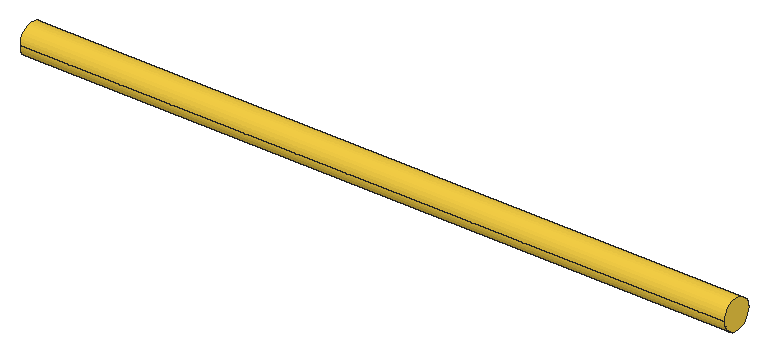
Revit family "TUBE 42-1_2033500", category Generic Models, Revit 2018
Family settings
  Can host rebar = No
  Round Connector Dimension = Use Diameter
  Part Type = Normal
  OmniClass Number = 35.51.14.00
  OmniClass Title = FORMWORK
  Work Plane-Based = Yes
  Always vertical = No
  Cut with Voids When Loaded = No
  Shared = Yes
  Room Calculation Point = No
Parameters
  VERSION = "20190101"  # constant formula
  URL = "www.ulmaconstruction.com/en"
  UNICLASS = ""
  ITEM_CODE = "2033500"
  Manufacturer = "ULMA CONSTRUCTION"  # constant formula
  FILTER [instance] = ""
  Default Elevation = 0.000 mm
  CLASSIFICATION_TITLE = ""
  CLASSIFICATION_NUMBER = ""
Reference planes
  plane 1 "Centro (Frontal/Posterior)": y = 0
  plane 2: z = 0
  plane 3 "Centro (Izquierda/Derecha)": x = 0
  plane 4 "ITEM_LENGTH": x = 1000
Forms (mm)
  Extrusion 1, solid, material "ULMA YELLOW"
    sketch origin (0, 0, 0) x (0, 1, 0) y (0, 0, 1)
      loop
        circle (0, 0) r 21
    from 0 to 1000
Lines and regions (mm)
  model lines, style "ULMA FIXING ITEMS", detail levels fine
    curve 1: circle (1000, 0, 0) r 19 normal (1, 0, 0)
    curve 2: circle (0, 0, 0) r 19 normal (1, 0, 0)
Dimensions and locks
  locked: plane 3 "Centro (Izquierda/Derecha)" to plane 4 "ITEM_LENGTH" at 1000
  aligned and locked: level to plane 2
  aligned and locked: plane 4 "ITEM_LENGTH" to Extrusion 1
